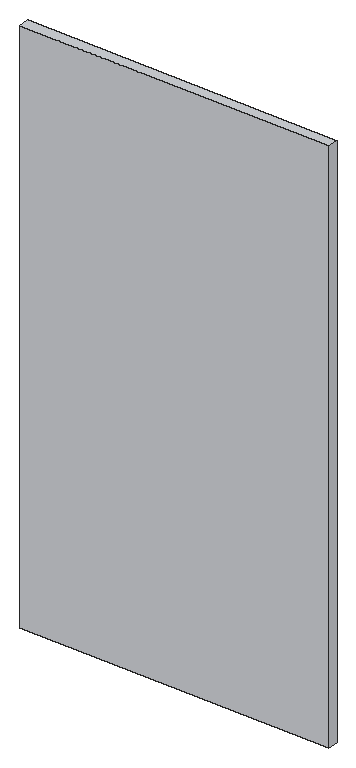
Revit family "DoorPanel", category Generic Models, Revit 2022
Family settings
  Can host rebar = No
  Round Connector Dimension = Use Diameter
  Part Type = Normal
  Work Plane-Based = No
  Always vertical = Yes
  Cut with Voids When Loaded = No
  Maintain Annotation Orientation = No
  Shared = No
  Room Calculation Point = No
Parameters
  DoorPanel_Width = 1200 mm
  DoorPanel_Thickness = 40 mm
  DoorPanel_Height = 2100 mm
  Default Elevation = 0 mm
Reference planes
  plane 1 "Center (Front/Back)": y = 0
  plane 2: z = 0
  plane 3 "Center (Left/Right)": x = 0
  plane 4: x = -600
  plane 5: x = 600
  plane 6: y = 20
  plane 7: y = -20
  plane 8: z = 2100
Forms (mm)
  Extrusion 1, solid
    sketch origin (0, 0, 0) x (1, 0, 0) y (0, 1, 0)
      loop
        line (-600, 20) -> (-600, -20) -> (600, -20) -> (600, 20) -> (-600, 20)
    from 0 to 2100
Dimensions and locks
  equal spacing: plane 4, plane 3 "Center (Left/Right)", plane 5
  equal spacing: plane 6, plane 1 "Center (Front/Back)", plane 7
  "DoorPanel_Width": plane 4 to plane 5
  "DoorPanel_Thickness": plane 6 to plane 7
  "DoorPanel_Height": plane 8 to plane 2
  aligned and locked: level to plane 2
  aligned and locked: Extrusion 1 sketch curve to plane 6
  aligned and locked: Extrusion 1 sketch curve to plane 7
  aligned and locked: Extrusion 1 sketch curve to plane 4
  aligned and locked: Extrusion 1 sketch curve to plane 5
  aligned and locked: plane 8 to Extrusion 1
  aligned and locked: Extrusion 1 to plane 2
